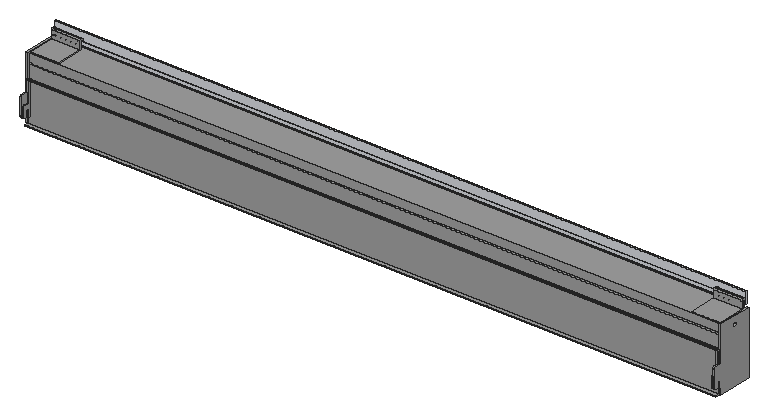
Revit family "Alcon-15233-2-Revit-Family", category Lighting Fixtures, host Ceiling, Revit 2021
Family settings
  Host = Ceiling
  Round Connector Dimension = Use Diameter
  Part Type = Normal
  Always vertical = Yes
  Cut with Voids When Loaded = No
  Light Source = Yes
  Shared = No
  Room Calculation Point = No
Parameters (values of type "15233-2 - 4FT")
  Wattage = 9.2903 W
  built-in parameter 1150110 = 1 (stored number, unit not read)
  built-in parameter 1114217 = 1 (stored number, unit not read)
  built-in parameter 1150109 = 1 (stored number, unit not read)
  built-in parameter 1150134 = 3
  built-in parameter 1150113 = 1 (stored number, unit not read)
  Reflector = Reflector
  Product Identity = "Alcon Lighting 15233-2"
  Manufacturer = "Alcon Light"
  built-in parameter 1150105 = 109.82 (stored number, unit not read)
  Lumens = 1380 lm
  built-in parameter 1150115 = 1 (stored number, unit not read)
  Link To Product Page = "https://www.alconlighting.com/15233-2-perimeter-led-cove-light-fixture.html"
  Light Source Symbol Size = 2' - 0"
  built-in parameter 1150137 = (empty or 0)
  built-in parameter 1150139 = (empty or 0)
  Length = 4' - 0"
  Led Source = Led Source
  built-in parameter 1150112 = 1 (stored number, unit not read)
  built-in parameter 1150114 = 1 (stored number, unit not read)
  built-in parameter 1150132 = (empty or 0)
  built-in parameter 1150102 = (empty or 0)
  built-in parameter 1150107 = 3200 (stored number, unit not read)
  built-in parameter 1150138 = (empty or 0)
  built-in parameter 1150106 = 1.0982 (stored number, unit not read)
  Housing = Default
  Lens = Lens
  Emit from Line Length = 4' - 0"
  built-in parameter 1150104 = 13.8 (stored number, unit not read)
  Dimming Lamp Color Temperature Shift = <None>
  Default Elevation = 0' - 0"
  Color Filter = 16777215
  built-in parameter 1114218 = 1 (stored number, unit not read)
  built-in parameter 1150133 = 10 (stored number, unit not read)
Types (4): name | Length | Emit from Line Length
  15233-2 - 8FT | 8' - 0" | 8' - 0"
  15233-2 - 4FT | 4' - 0" | 4' - 0"
  15233-2 - 3FT | 3' - 0" | 3' - 0"
  15233-2 - 2FT | 2' - 0" | 2' - 0"
Reference planes (in)
  plane 1 "Center (Front/Back)": y = 0
  plane 2: z = 0
  plane 3 "Center (Left/Right)": x = 0
  plane 4 "Ceiling": z = 157.48031
Forms (in)
  Extrusion 1, solid, material "Default" <- "Housing"
    sketch origin (0, 0, 320.42063) x (0, -1, 0) y (0, 0, -1)
      loop
        line (-1.10507, 160.94031) -> (-1.17, 160.94031) -> (-1.17, 160.25987)
        arc (-1.17, 160.25987) -> (-1.1514, 160.22514) -> (-1.17, 160.19041) r 0.04173
        line (-1.17, 160.19041) -> (-1.17, 159.26536)
        arc (-1.17, 159.26536) -> (-1.1514, 159.23063) -> (-1.17, 159.1959) r 0.04173
        line (-1.17, 159.1959) -> (-1.17, 158.63031) -> (1.17, 158.63031) -> (1.17, 159.1959)
        arc (1.17, 159.1959) -> (1.1514, 159.23063) -> (1.17, 159.26536) r 0.04173
        line (1.17, 159.26536) -> (1.17, 160.19041)
        arc (1.17, 160.19041) -> (1.1514, 160.22514) -> (1.17, 160.25987) r 0.04173
        line (1.17, 160.25987) -> (1.17, 160.94031) -> (1.10507, 160.94031) -> (1.10507, 160.59384) -> (0.94451, 160.59384) -> (0.94451, 160.39651) -> (1.01249, 160.39651) -> (1.01249, 160.49344) -> (1.10507, 160.49344) -> (1.10507, 160.30581) -> (0.94451, 160.30581) -> (0.94451, 160.15243) -> (1.10507, 160.15243) -> (1.10507, 159.86853) -> (0.98124, 159.86853) -> (0.98124, 159.95891) -> (0.89763, 159.95891) -> (0.89763, 159.56434) -> (0.97504, 159.56434) -> (0.97504, 159.78837) -> (1.10507, 159.78837) -> (1.10507, 159.35818) -> (0.94451, 159.35818) -> (0.94451, 159.10332) -> (1.10507, 159.10332) -> (1.10507, 158.69406) -> (-1.10507, 158.69406) -> (-1.10507, 159.10332) -> (-0.94451, 159.10332) -> (-0.94451, 159.35818) -> (-1.10507, 159.35818) -> (-1.10507, 159.78837) -> (-0.97504, 159.78837) -> (-0.97504, 159.56434) -> (-0.89763, 159.56434) -> (-0.89763, 159.95891) -> (-0.98124, 159.95891) -> (-0.98124, 159.86853) -> (-1.10507, 159.86853) -> (-1.10507, 160.15243) -> (-0.94451, 160.15243) -> (-0.94451, 160.30581) -> (-1.10507, 160.30581) -> (-1.10507, 160.49344) -> (-1.01249, 160.49344) -> (-1.01249, 160.39651) -> (-0.94451, 160.39651) -> (-0.94451, 160.59384) -> (-1.10507, 160.59384) -> (-1.10507, 160.94031)
      loop
        line (-1.10507, 160.25987) -> (-1.10507, 160.19041) -> (-0.99687, 160.19041) -> (-0.99687, 160.25987) -> (-1.10507, 160.25987)
      loop
        line (-1.10507, 159.26536) -> (-1.10507, 159.1959) -> (-0.99687, 159.1959) -> (-0.99687, 159.26536) -> (-1.10507, 159.26536)
      loop
        line (1.10507, 160.25987) -> (0.99687, 160.25987) -> (0.99687, 160.19041) -> (1.10507, 160.19041) -> (1.10507, 160.25987)
      loop
        line (1.10507, 159.26536) -> (0.99687, 159.26536) -> (0.99687, 159.1959) -> (1.10507, 159.1959) -> (1.10507, 159.26536)
    from 0 to 48
  Extrusion 2, solid, material "Default" <- "Housing"
    sketch origin (0, 0, 320.49875) x (0, -1, 0) y (0, 0, -1)
      loop
        line (0.43275, 159.91309) -> (-0.43275, 159.91309) -> (-0.38581, 159.96003) -> (-0.40888, 160.01719) -> (-0.4398, 160.0047) -> (-0.42292, 159.96289) -> (-0.46437, 159.92144) -> (-0.86552, 160.91526)
        arc (-0.86552, 160.91526) -> (-0.85997, 160.93651) -> (-0.83803, 160.93734) r 0.01841
        line (-0.83803, 160.93734) -> (-0.80943, 160.91772) -> (-0.80943, 160.97547) -> (-0.88982, 160.97547) -> (-0.90716, 161.01844) -> (-1.10507, 161.01844) -> (-1.10507, 160.89872) -> (-0.94451, 160.66941) -> (-0.94451, 160.03704) -> (-0.55369, 160.03704) -> (-0.48631, 159.87012) -> (0.48631, 159.87012) -> (0.55369, 160.03704) -> (0.94451, 160.03704) -> (0.94451, 160.66941) -> (1.10507, 160.89872) -> (1.10507, 161.01844) -> (0.90716, 161.01844) -> (0.88982, 160.97547) -> (0.80943, 160.97547) -> (0.80943, 160.91772) -> (0.83803, 160.93734)
        arc (0.83803, 160.93734) -> (0.85997, 160.93651) -> (0.86552, 160.91526) r 0.01841
        line (0.86552, 160.91526) -> (0.46437, 159.92144) -> (0.42292, 159.96289) -> (0.4398, 160.0047) -> (0.40888, 160.01719) -> (0.38581, 159.96003) -> (0.43275, 159.91309)
      loop
        line (-0.57103, 160.08001) -> (-0.93247, 160.97547) -> (-1.0621, 160.97547) -> (-1.0621, 160.91226) -> (-0.90154, 160.68295) -> (-0.90154, 160.08001) -> (-0.57103, 160.08001)
      loop
        line (0.57103, 160.08001) -> (0.90154, 160.08001) -> (0.90154, 160.68295) -> (1.0621, 160.91226) -> (1.0621, 160.97547) -> (0.93247, 160.97547) -> (0.57103, 160.08001)
    from 0 to 48
  Extrusion 3, solid, material "Lens" <- "Lens"
    sketch origin (0, 0, 319.99875) x (0, -1, 0) y (0, 0, -1)
      loop
        line (0.84771, 160.38421) -> (0.84771, 160.41825) -> (-0.85144, 160.41825) -> (-0.85144, 160.38421) -> (0.84771, 160.38421)
    from 0 to 48
  Extrusion 4, solid, material "Reflector" <- "Reflector"
    sketch origin (0, 0, 320.49875) x (0, -1, 0) y (0, 0, -1)
      loop
        line (-0.47251, 159.9416) -> (-0.42506, 159.96075) -> (-0.79121, 160.8679) -> (-0.83867, 160.84875) -> (-0.47251, 159.9416)
      loop
        line (0.4736, 159.9443) -> (0.83843, 160.84815) -> (0.79853, 160.86425) -> (0.43371, 159.9604) -> (0.4736, 159.9443)
    from 0 to 48
  Extrusion 5, solid, material "Led Source" <- "Led Source"
    sketch origin (0, 0, 320.49875) x (0, -1, 0) y (0, 0, -1)
      loop
        line (0.2188, 159.91309) -> (0.2188, 159.95517) -> (-0.2188, 159.95517) -> (-0.2188, 159.91309) -> (0.2188, 159.91309)
    from 0 to 48
  Extrusion 6, void
    sketch origin (0, 0, 157.48031) x (0, 1, 0) y (-1, 0, 0)
      loop
        line (-1.17, 0) -> (-1.17, -48) -> (1.17, -48) -> (1.17, 0) -> (-1.17, 0)
    from -0.06276 to 5.83016
  Extrusion 7, solid
    sketch origin (0, 0, 2) x (0, 1, 0) y (0, 0, 1)
      loop
        line (1.17, 160.81439) -> (1.1166, 160.81439) -> (1.1166, 160.08507) -> (0.96243, 160.08507) -> (0.96243, 160.33507) -> (0.89545, 160.33507) -> (0.89545, 160.08229)
        arc (0.89545, 160.08229) -> (0.91135, 160.04391) -> (0.94972, 160.02802) r 0.05427
        line (0.94972, 160.02802) -> (1.12549, 160.02802)
        arc (1.12549, 160.02802) -> (1.15696, 160.04106) -> (1.17, 160.07253) r 0.04451
        line (1.17, 160.07253) -> (1.17, 160.81439)
    from 0 to 48
  Extrusion 8, solid, material "Default" <- "Housing"
    sketch origin (0, 0, 2) x (0, 1, 0) y (0, 0, 1)
      loop
        line (1.07327, 160.08507) -> (1.07327, 160.37206)
        arc (1.07327, 160.37206) -> (1.04865, 160.4315) -> (0.9892, 160.45612) r 0.08407
        line (0.9892, 160.45612) -> (0.91692, 160.45612)
        arc (0.91692, 160.45612) -> (0.8507, 160.42869) -> (0.82327, 160.36247) r 0.09365
        line (0.82327, 160.36247) -> (0.82327, 159.84307) -> (-1.07222, 159.84307) -> (-1.07222, 159.79031) -> (0.87747, 159.79031) -> (0.87747, 160.34758)
        arc (0.87747, 160.34758) -> (0.89095, 160.38012) -> (0.92349, 160.3936) r 0.04602
        line (0.92349, 160.3936) -> (0.97147, 160.3936)
        arc (0.97147, 160.3936) -> (1.003, 160.38055) -> (1.01606, 160.34902) r 0.04459
        line (1.01606, 160.34902) -> (1.01606, 160.08507) -> (1.07327, 160.08507)
    from 0 to 2
  Extrusion 9, solid, material "Default" <- "Housing"
    sketch origin (0, 0, 2) x (0, 1, 0) y (0, 0, 1)
      loop
        line (1.07327, 160.08507) -> (1.07327, 160.37206)
        arc (1.07327, 160.37206) -> (1.04865, 160.4315) -> (0.9892, 160.45612) r 0.08407
        line (0.9892, 160.45612) -> (0.91692, 160.45612)
        arc (0.91692, 160.45612) -> (0.8507, 160.42869) -> (0.82327, 160.36247) r 0.09365
        line (0.82327, 160.36247) -> (0.82327, 159.84307) -> (-1.07222, 159.84307) -> (-1.07222, 159.79031) -> (0.87747, 159.79031) -> (0.87747, 160.34758)
        arc (0.87747, 160.34758) -> (0.89095, 160.38012) -> (0.92349, 160.3936) r 0.04602
        line (0.92349, 160.3936) -> (0.97147, 160.3936)
        arc (0.97147, 160.3936) -> (1.003, 160.38055) -> (1.01606, 160.34902) r 0.04459
        line (1.01606, 160.34902) -> (1.01606, 160.08507) -> (1.07327, 160.08507)
    from 46 to 48
  Extrusion 10, solid, material "Default" <- "Housing"
    sketch origin (0, 0, 2) x (0, 1, 0) y (0, 0, 1)
      loop
        line (-1.17, 158.25919) -> (-1.34217, 158.25919) -> (-1.34217, 158.20784) -> (-1.20239, 158.20784) -> (-1.20239, 155.48031) -> (-1.45239, 155.48031) -> (-1.45239, 155.42755) -> (-1.17, 155.42755) -> (-1.17, 158.25919)
    from 0 to 48
  Extrusion 11, solid, material "Default" <- "Housing"
    sketch origin (0, 0, -0.49609) x (0, 1, 0) y (0, 0, 1)
      loop
        line (-1.20239, 157.9764) -> (1.17, 157.9764) -> (1.17, 162.34728) -> (-1.20239, 162.34728) -> (-1.20239, 159.8825) -> (-1.63309, 159.8825)
        arc (-1.63309, 159.8825) -> (-1.69446, 159.85708) -> (-1.71988, 159.79571) r 0.08679
        line (-1.71988, 159.79571) -> (-1.71988, 158.58599)
        arc (-1.71988, 158.58599) -> (-1.6973, 158.53147) -> (-1.64279, 158.50889) r 0.0771
        line (-1.64279, 158.50889) -> (-1.5854, 158.50889)
        arc (-1.5854, 158.50889) -> (-1.53557, 158.52953) -> (-1.51493, 158.57935) r 0.07046
        line (-1.51493, 158.57935) -> (-1.51493, 158.89687) -> (-1.28446, 158.89687) -> (-1.28446, 158.47577)
        arc (-1.28446, 158.47577) -> (-1.27244, 158.44674) -> (-1.24341, 158.43472) r 0.04105
        line (-1.24341, 158.43472) -> (-1.20239, 158.43472) -> (-1.20239, 157.9764)
      loop
        circle (-1.51997, 159.57418) r 0.05557
      loop
        circle (0, 161.80592) r 0.16861
    from -0.125 to 0
  Extrusion 12, solid, material "Default" <- "Housing"
    sketch origin (0, 0, -0.49609) x (0, 1, 0) y (0, 0, 1)
      loop
        line (-1.20239, 157.9764) -> (1.17, 157.9764) -> (1.17, 162.34728) -> (-1.20239, 162.34728) -> (-1.20239, 159.8825) -> (-1.63309, 159.8825)
        arc (-1.63309, 159.8825) -> (-1.69446, 159.85708) -> (-1.71988, 159.79571) r 0.08679
        line (-1.71988, 159.79571) -> (-1.71988, 158.58599)
        arc (-1.71988, 158.58599) -> (-1.6973, 158.53147) -> (-1.64279, 158.50889) r 0.0771
        line (-1.64279, 158.50889) -> (-1.5854, 158.50889)
        arc (-1.5854, 158.50889) -> (-1.53557, 158.52953) -> (-1.51493, 158.57935) r 0.07046
        line (-1.51493, 158.57935) -> (-1.51493, 158.89687) -> (-1.28446, 158.89687) -> (-1.28446, 158.47577)
        arc (-1.28446, 158.47577) -> (-1.27244, 158.44674) -> (-1.24341, 158.43472) r 0.04105
        line (-1.24341, 158.43472) -> (-1.20239, 158.43472) -> (-1.20239, 157.9764)
      loop
        circle (0, 161.80592) r 0.16861
      loop
        circle (-1.51997, 159.57418) r 0.05557
    from 48 to 48.125
  Extrusion 13, solid, material "Default" <- "Housing"
    sketch origin (0, 0, -0.49609) x (0, 1, 0) y (0, 0, 1)
      loop
        line (-1.20239, 158.43472) -> (-1.20239, 160.70393) -> (-1.33203, 160.70393) -> (-1.33203, 159.2761) -> (-1.63672, 159.2761)
        arc (-1.63672, 159.2761) -> (-1.69552, 159.25175) -> (-1.71988, 159.19294) r 0.08317
        line (-1.71988, 159.19294) -> (-1.71988, 158.58599)
        arc (-1.71988, 158.58599) -> (-1.6973, 158.53147) -> (-1.64279, 158.50889) r 0.0771
        line (-1.64279, 158.50889) -> (-1.5854, 158.50889)
        arc (-1.5854, 158.50889) -> (-1.53557, 158.52953) -> (-1.51493, 158.57935) r 0.07046
        line (-1.51493, 158.57935) -> (-1.51493, 158.89687) -> (-1.28446, 158.89687) -> (-1.28446, 158.47577)
        arc (-1.28446, 158.47577) -> (-1.27244, 158.44674) -> (-1.24341, 158.43472) r 0.04105
        line (-1.24341, 158.43472) -> (-1.20239, 158.43472)
      loop
        circle (-1.52283, 159.15054) r 0.04501
    from 0 to 0.125
  Extrusion 14, solid, material "Default" <- "Housing"
    sketch origin (0, 0, -0.49609) x (0, 1, 0) y (0, 0, 1)
      loop
        line (-1.20239, 158.43472) -> (-1.20239, 160.70393) -> (-1.33203, 160.70393) -> (-1.33203, 159.2761) -> (-1.63672, 159.2761)
        arc (-1.63672, 159.2761) -> (-1.69552, 159.25175) -> (-1.71988, 159.19294) r 0.08317
        line (-1.71988, 159.19294) -> (-1.71988, 158.58599)
        arc (-1.71988, 158.58599) -> (-1.6973, 158.53147) -> (-1.64279, 158.50889) r 0.0771
        line (-1.64279, 158.50889) -> (-1.5854, 158.50889)
        arc (-1.5854, 158.50889) -> (-1.53557, 158.52953) -> (-1.51493, 158.57935) r 0.07046
        line (-1.51493, 158.57935) -> (-1.51493, 158.89687) -> (-1.28446, 158.89687) -> (-1.28446, 158.47577)
        arc (-1.28446, 158.47577) -> (-1.27244, 158.44674) -> (-1.24341, 158.43472) r 0.04105
        line (-1.24341, 158.43472) -> (-1.20239, 158.43472)
      loop
        circle (-1.52283, 159.15054) r 0.04501
    from 47.875 to 48
Dimensions and locks (in)
  equal spacing: host sketch curve, plane 3 "Center (Left/Right)", host sketch curve
  equal spacing: host sketch curve, plane 1 "Center (Front/Back)", host sketch curve
  host sketch curve to host sketch curve = 13' - 1.48031"  (x2)
  plane 4 "Ceiling" to host ceiling = 0' - 0"
  "Length": plane 3 "Center (Left/Right)" to Extrusion 5
  "Length": plane 3 "Center (Left/Right)" to Extrusion 6
  "Length": plane 3 "Center (Left/Right)" to Extrusion 3
  "Length": plane 3 "Center (Left/Right)" to Extrusion 2
  "Length": plane 3 "Center (Left/Right)" to Extrusion 1
  "Length": plane 3 "Center (Left/Right)" to Extrusion 4
  locked: Extrusion 9 to Extrusion 6 at 2
  locked: Extrusion 14 to Extrusion 12 at 0.125
  locked: Extrusion 6 to Extrusion 12 at 0.125
  aligned and locked: Extrusion 6 to Extrusion 7
  aligned and locked: Extrusion 1 to Extrusion 9
  aligned and locked: Extrusion 10 to Extrusion 1
  aligned and locked: Extrusion 12 to Extrusion 1
  aligned and locked: Extrusion 1 to Extrusion 14
Automatic sketch dimensions
  Extrusion 1 sketch curve to plane 4 "Ceiling" = 0' - 2"  (x2)
  Extrusion 1 sketch curve to plane 1 "Center (Front/Back)" = 0' - 1.19313"
  Extrusion 1 sketch curve to Extrusion 1 sketch curve = 0' - 0"  (x13)
  Extrusion 1 sketch curve to Extrusion 1 sketch curve = 0' - 0.02313"  (x5)
  Extrusion 1 sketch curve to Extrusion 1 sketch curve = 0' - 0.06493"  (x8)
  Extrusion 1 sketch curve to Extrusion 1 sketch curve = 0' - 0.09258"  (x3)
  Extrusion 1 sketch curve to Extrusion 1 sketch curve = 0' - 0.10821"  (x5)
  Extrusion 1 sketch curve to Extrusion 1 sketch curve = 0' - 0.12383"
  Extrusion 1 sketch curve to Extrusion 1 sketch curve = 0' - 0.13003"
  Extrusion 1 sketch curve to Extrusion 1 sketch curve = 0' - 0.06799"  (x2)
  Extrusion 1 sketch curve to Extrusion 1 sketch curve = 0' - 0.05236"  (x4)
  Extrusion 1 sketch curve to Extrusion 1 sketch curve = 0' - 0.08361"
  plane 1 "Center (Front/Back)" to Extrusion 1 sketch curve = 0' - 0.89763"
  Extrusion 1 sketch curve to Extrusion 1 sketch curve = 0' - 0 3/64"  (x2)
  Extrusion 1 sketch curve to Extrusion 1 sketch curve = 0' - 0.07741"
  Extrusion 1 sketch curve to Extrusion 1 sketch curve = 0' - 0.0062"
  Extrusion 1 sketch curve to Extrusion 1 sketch curve = 0' - 0.16057"
  Extrusion 1 sketch curve to plane 4 "Ceiling" = 0' - 2.34648"  (x2)
  Extrusion 1 sketch curve to Extrusion 1 sketch curve = 0' - 0.1004"  (x2)
  Extrusion 1 sketch curve to Extrusion 1 sketch curve = 0' - 0.09693"  (x2)
  Extrusion 1 sketch curve to Extrusion 1 sketch curve = 0' - 0.0907"  (x2)
  Extrusion 1 sketch curve to Extrusion 1 sketch curve = 0' - 0.04594"  (x2)
  Extrusion 1 sketch curve to Extrusion 1 sketch curve = 0' - 0.03473"  (x4)
  Extrusion 1 sketch curve to Extrusion 1 sketch curve = 0' - 0.06946"  (x2)
  Extrusion 1 sketch curve to Extrusion 1 sketch curve = 0' - 0.03798"  (x2)
  Extrusion 1 sketch curve to Extrusion 1 sketch curve = 0' - 0.19351"  (x2)
  Extrusion 1 sketch curve to Extrusion 1 sketch curve = 0' - 0.09038"  (x2)
  Extrusion 1 sketch curve to Extrusion 1 sketch curve = 0' - 0.08016"  (x2)
  Extrusion 1 sketch curve to Extrusion 1 sketch curve = 0' - 0.22403"  (x2)
  Extrusion 1 sketch curve to Extrusion 1 sketch curve = 0' - 0.20617"  (x2)
  Extrusion 1 sketch curve to Extrusion 1 sketch curve = 0' - 0.09282"  (x2)
  Extrusion 1 sketch curve to Extrusion 1 sketch curve = 0' - 0.40926"
  Extrusion 1 sketch curve to Extrusion 1 sketch curve = 0' - 0.06375"
  Extrusion 3 sketch curve to plane 1 "Center (Front/Back)" = 0' - 0.85144"
  plane 1 "Center (Front/Back)" to Extrusion 3 sketch curve = 0' - 0.84771"
  Extrusion 3 sketch curve to plane 4 "Ceiling" = 0' - 2.13423"
  Extrusion 3 sketch curve to Extrusion 3 sketch curve = 0' - 0.03404"
  Extrusion 5 sketch curve to plane 1 "Center (Front/Back)" = 0' - 0.2188"
  Extrusion 5 sketch curve to Extrusion 5 sketch curve = 0' - 0.4376"
  Extrusion 5 sketch curve to plane 4 "Ceiling" = 0' - 3.10535"
  Extrusion 5 sketch curve to Extrusion 5 sketch curve = 0' - 0.04208"
  Extrusion 6 sketch curve to plane 3 "Center (Left/Right)" = 0' - 0"
  plane 1 "Center (Front/Back)" to Extrusion 6 sketch curve = 0' - 1.17"
  Extrusion 6 sketch curve to plane 1 "Center (Front/Back)" = 0' - 1.17"
  plane 3 "Center (Left/Right)" to Extrusion 6 sketch curve = 4' - 0"
  plane 1 "Center (Front/Back)" to Extrusion 7 sketch curve = 0' - 0.89545"
  Extrusion 7 sketch curve to Extrusion 7 sketch curve = 0' - 0.05427"
  Extrusion 7 sketch curve to Extrusion 7 sketch curve = 0' - 0.06698"
  Extrusion 7 sketch curve to Extrusion 7 sketch curve = 0' - 0.15417"
  Extrusion 7 sketch curve to Extrusion 7 sketch curve = 0' - 0.00889"
  Extrusion 7 sketch curve to Extrusion 7 sketch curve = 0' - 0.0534"
  Extrusion 7 sketch curve to plane 4 "Ceiling" = 0' - 4.5477"
  Extrusion 7 sketch curve to Extrusion 7 sketch curve = 0' - 0.01254"
  Extrusion 7 sketch curve to Extrusion 7 sketch curve = 0' - 0 1/4"
  Extrusion 7 sketch curve to Extrusion 7 sketch curve = 0' - 0.47931"
  Extrusion 8 sketch curve to plane 1 "Center (Front/Back)" = 0' - 1.07222"
  Extrusion 8 sketch curve to Extrusion 8 sketch curve = 0' - 1.89549"
  Extrusion 8 sketch curve to Extrusion 8 sketch curve = 0' - 0.0542"
  Extrusion 8 sketch curve to Extrusion 8 sketch curve = 0' - 0.03945"
  Extrusion 8 sketch curve to Extrusion 8 sketch curve = 0' - 0.00657"
  Extrusion 8 sketch curve to Extrusion 8 sketch curve = 0' - 0.04798"
  Extrusion 8 sketch curve to Extrusion 8 sketch curve = 0' - 0.01773"
  Extrusion 8 sketch curve to Extrusion 8 sketch curve = 0' - 0.04459"
  Extrusion 8 sketch curve to Extrusion 8 sketch curve = 0' - 0.05721"
  Extrusion 8 sketch curve to plane 4 "Ceiling" = 0' - 4.31"
  Extrusion 8 sketch curve to Extrusion 8 sketch curve = 0' - 0.05275"
  Extrusion 8 sketch curve to Extrusion 8 sketch curve = 0' - 0.24201"
  Extrusion 8 sketch curve to Extrusion 8 sketch curve = 0' - 0.26251"
  Extrusion 8 sketch curve to Extrusion 8 sketch curve = 0' - 0.01489"
  Extrusion 9 sketch curve to plane 1 "Center (Front/Back)" = 0' - 1.07222"
  Extrusion 9 sketch curve to Extrusion 9 sketch curve = 0' - 1.89549"
  Extrusion 9 sketch curve to Extrusion 9 sketch curve = 0' - 0.0542"
  Extrusion 9 sketch curve to Extrusion 9 sketch curve = 0' - 0.03945"
  Extrusion 9 sketch curve to Extrusion 9 sketch curve = 0' - 0.00657"
  Extrusion 9 sketch curve to Extrusion 9 sketch curve = 0' - 0.04798"
  Extrusion 9 sketch curve to Extrusion 9 sketch curve = 0' - 0.01773"
  Extrusion 9 sketch curve to Extrusion 9 sketch curve = 0' - 0.04459"
  Extrusion 9 sketch curve to Extrusion 9 sketch curve = 0' - 0.05721"
  Extrusion 9 sketch curve to plane 4 "Ceiling" = 0' - 4.31"
  Extrusion 9 sketch curve to Extrusion 9 sketch curve = 0' - 0.05275"
  Extrusion 9 sketch curve to Extrusion 9 sketch curve = 0' - 0.24201"
  Extrusion 9 sketch curve to Extrusion 9 sketch curve = 0' - 0.26251"
  Extrusion 9 sketch curve to Extrusion 9 sketch curve = 0' - 0.01489"
  Extrusion 2 sketch curve to plane 1 "Center (Front/Back)" = 0' - 1.10507"
  Extrusion 2 sketch curve to Extrusion 2 sketch curve = 0' - 0 11/256"  (x9)
  Extrusion 2 sketch curve to Extrusion 2 sketch curve = 0' - 0.1176"
  Extrusion 2 sketch curve to Extrusion 2 sketch curve = 0' - 0.12963"  (x2)
  Extrusion 2 sketch curve to Extrusion 2 sketch curve = 0' - 0.02531"
  Extrusion 2 sketch curve to Extrusion 2 sketch curve = 0' - 0.04265"  (x2)
  Extrusion 2 sketch curve to Extrusion 2 sketch curve = 0' - 0.0243"
  Extrusion 2 sketch curve to Extrusion 2 sketch curve = 0' - 0.01707"  (x2)
  Extrusion 2 sketch curve to Extrusion 2 sketch curve = 0' - 0.01041"  (x2)
  Extrusion 2 sketch curve to Extrusion 2 sketch curve = 0' - 0.0286"  (x2)
  Extrusion 2 sketch curve to Extrusion 2 sketch curve = 0' - 0.33051"  (x2)
  Extrusion 2 sketch curve to Extrusion 2 sketch curve = 0' - 0.01734"  (x3)
  Extrusion 2 sketch curve to Extrusion 2 sketch curve = 0' - 0.06737"
  Extrusion 2 sketch curve to Extrusion 2 sketch curve = 0' - 0.02194"  (x2)
  Extrusion 2 sketch curve to Extrusion 2 sketch curve = 0' - 0.02457"
  Extrusion 2 sketch curve to Extrusion 2 sketch curve = 0' - 0.03162"  (x2)
  Extrusion 2 sketch curve to Extrusion 2 sketch curve = 0' - 0.01688"
  Extrusion 2 sketch curve to Extrusion 2 sketch curve = 0' - 0.03092"  (x2)
  Extrusion 2 sketch curve to Extrusion 2 sketch curve = 0' - 0.03711"  (x2)
  Extrusion 2 sketch curve to Extrusion 2 sketch curve = 0' - 0.77162"
  Extrusion 2 sketch curve to Extrusion 2 sketch curve = 0' - 0.02307"
  Extrusion 2 sketch curve to Extrusion 2 sketch curve = 0' - 0.04145"
  Extrusion 2 sketch curve to Extrusion 2 sketch curve = 0' - 0.11389"
  Extrusion 2 sketch curve to Extrusion 2 sketch curve = 0' - 0.2384"
  Extrusion 2 sketch curve to Extrusion 2 sketch curve = 0' - 0.05179"
  Extrusion 2 sketch curve to plane 4 "Ceiling" = 0' - 3.14832"
  Extrusion 2 sketch curve to Extrusion 2 sketch curve = 0' - 0.00835"  (x2)
  Extrusion 2 sketch curve to Extrusion 2 sketch curve = 0' - 0.04694"
  Extrusion 2 sketch curve to Extrusion 2 sketch curve = 0' - 0.0386"
  Extrusion 2 sketch curve to Extrusion 2 sketch curve = 0' - 0.00285"  (x2)
  Extrusion 2 sketch curve to Extrusion 2 sketch curve = 0' - 0.16692"
  Extrusion 2 sketch curve to Extrusion 2 sketch curve = 0' - 0.03233"
  Extrusion 2 sketch curve to Extrusion 2 sketch curve = 0' - 0.5894"  (x2)
  Extrusion 2 sketch curve to Extrusion 2 sketch curve = 0' - 0.01355"  (x4)
  Extrusion 2 sketch curve to Extrusion 2 sketch curve = 0' - 0.22931"  (x2)
  Extrusion 2 sketch curve to Extrusion 2 sketch curve = 0' - 0.003"  (x2)
  Extrusion 2 sketch curve to Extrusion 2 sketch curve = 0' - 0.00246"  (x2)
  Extrusion 2 sketch curve to Extrusion 2 sketch curve = 0' - 0.00689"  (x2)
  Extrusion 2 sketch curve to Extrusion 2 sketch curve = 0' - 0.06021"
  Extrusion 2 sketch curve to Extrusion 2 sketch curve = 0' - 0.03814"
  Extrusion 2 sketch curve to Extrusion 2 sketch curve = 0' - 0.06321"
  Extrusion 2 sketch curve to Extrusion 2 sketch curve = 0' - 0"
  Extrusion 4 sketch curve to plane 1 "Center (Front/Back)" = 0' - 0.83867"
  Extrusion 4 sketch curve to Extrusion 4 sketch curve = 0' - 0.04745"
  Extrusion 4 sketch curve to Extrusion 4 sketch curve = 0' - 0.36616"
  Extrusion 4 sketch curve to Extrusion 4 sketch curve = 0' - 1.22359"
  Extrusion 4 sketch curve to Extrusion 4 sketch curve = 0' - 0.03989"
  Extrusion 4 sketch curve to Extrusion 4 sketch curve = 0' - 0.01915"
  Extrusion 4 sketch curve to Extrusion 4 sketch curve = 0' - 0.8874"
  Extrusion 4 sketch curve to Extrusion 4 sketch curve = 0' - 0.0161"
  Extrusion 4 sketch curve to Extrusion 4 sketch curve = 0' - 0.85876"
  Extrusion 4 sketch curve to plane 4 "Ceiling" = 0' - 3.05804"
  Extrusion 13 sketch curve to plane 1 "Center (Front/Back)" = 0' - 1.71988"
  Extrusion 13 sketch curve to Extrusion 13 sketch curve = 0' - 0.0771"
  Extrusion 13 sketch curve to Extrusion 13 sketch curve = 0' - 0.08317"
  Extrusion 13 sketch curve to Extrusion 13 sketch curve = 0' - 0.05739"
  Extrusion 13 sketch curve to Extrusion 13 sketch curve = 0' - 0.11389"
  Extrusion 13 sketch curve to Extrusion 13 sketch curve = 0' - 0.00789"
  Extrusion 13 sketch curve to Extrusion 13 sketch curve = 0' - 0 39/128"
  Extrusion 13 sketch curve to Extrusion 13 sketch curve = 0' - 0 59/256"
  Extrusion 13 sketch curve to Extrusion 13 sketch curve = 0' - 0.04105"
  Extrusion 13 sketch curve to Extrusion 13 sketch curve = 0' - 0.12965"
  Extrusion 13 sketch curve to plane 4 "Ceiling" = 0' - 0.45832"
  Extrusion 13 sketch curve to Extrusion 13 sketch curve = 0' - 0.03312"
  Extrusion 13 sketch curve to Extrusion 13 sketch curve = 0' - 0.31751"
  Extrusion 13 sketch curve to Extrusion 13 sketch curve = 0' - 0.25367"
  Extrusion 13 sketch curve to Extrusion 13 sketch curve = 0' - 0.0424"
  Extrusion 13 sketch curve to Extrusion 13 sketch curve = 0' - 1.42783"
  Extrusion 14 sketch curve to plane 1 "Center (Front/Back)" = 0' - 1.71988"
  Extrusion 14 sketch curve to Extrusion 14 sketch curve = 0' - 0.0771"
  Extrusion 14 sketch curve to Extrusion 14 sketch curve = 0' - 0.08317"
  Extrusion 14 sketch curve to Extrusion 14 sketch curve = 0' - 0.05739"
  Extrusion 14 sketch curve to Extrusion 14 sketch curve = 0' - 0.11389"
  Extrusion 14 sketch curve to Extrusion 14 sketch curve = 0' - 0.00789"
  Extrusion 14 sketch curve to Extrusion 14 sketch curve = 0' - 0 39/128"
  Extrusion 14 sketch curve to Extrusion 14 sketch curve = 0' - 0 59/256"
  Extrusion 14 sketch curve to Extrusion 14 sketch curve = 0' - 0.04105"
  Extrusion 14 sketch curve to Extrusion 14 sketch curve = 0' - 0.12965"
  Extrusion 14 sketch curve to plane 4 "Ceiling" = 0' - 0.45832"
  Extrusion 14 sketch curve to Extrusion 14 sketch curve = 0' - 0.03312"
  Extrusion 14 sketch curve to Extrusion 14 sketch curve = 0' - 0.31751"
  Extrusion 14 sketch curve to Extrusion 14 sketch curve = 0' - 0.25367"
  Extrusion 14 sketch curve to Extrusion 14 sketch curve = 0' - 0.0424"
  Extrusion 14 sketch curve to Extrusion 14 sketch curve = 0' - 1.42783"
  plane 4 "Ceiling" to Extrusion 10 sketch curve = 0' - 0.05276"
  Extrusion 10 sketch curve to plane 1 "Center (Front/Back)" = 0' - 1.45239"
  Extrusion 10 sketch curve to Extrusion 10 sketch curve = 0' - 0.11021"
  Extrusion 10 sketch curve to Extrusion 10 sketch curve = 0' - 0 1/4"
  Extrusion 10 sketch curve to Extrusion 10 sketch curve = 0' - 0.03239"
  Extrusion 10 sketch curve to Extrusion 10 sketch curve = 0' - 0.05276"
  Extrusion 10 sketch curve to Extrusion 10 sketch curve = 0' - 2.72753"
  Extrusion 10 sketch curve to Extrusion 10 sketch curve = 0' - 0.05135"
  Extrusion 11 sketch curve to plane 4 "Ceiling" = 0' - 0.60959"
  Extrusion 11 sketch curve to plane 1 "Center (Front/Back)" = 0' - 1.71988"
  Extrusion 11 sketch curve to Extrusion 11 sketch curve = 0' - 0.0771"
  Extrusion 11 sketch curve to Extrusion 11 sketch curve = 0' - 0.08679"
  Extrusion 11 sketch curve to Extrusion 11 sketch curve = 0' - 0.05739"
  Extrusion 11 sketch curve to Extrusion 11 sketch curve = 0' - 0.11312"
  Extrusion 11 sketch curve to Extrusion 11 sketch curve = 0' - 0.07046"
  Extrusion 11 sketch curve to Extrusion 11 sketch curve = 0' - 0 59/256"
  Extrusion 11 sketch curve to Extrusion 11 sketch curve = 0' - 0.04105"
  Extrusion 11 sketch curve to Extrusion 11 sketch curve = 0' - 0.04102"
  Extrusion 11 sketch curve to Extrusion 11 sketch curve = 0' - 0.43071"
  Extrusion 11 sketch curve to Extrusion 11 sketch curve = 0' - 1.20239"
  Extrusion 11 sketch curve to Extrusion 11 sketch curve = 0' - 1.17"
  Extrusion 11 sketch curve to Extrusion 11 sketch curve = 0' - 0.10358"
  Extrusion 11 sketch curve to plane 4 "Ceiling" = 0' - 0"
  Extrusion 11 sketch curve to Extrusion 11 sketch curve = 0' - 0.31751"
  Extrusion 11 sketch curve to Extrusion 11 sketch curve = 0' - 0.67731"
  Extrusion 11 sketch curve to Extrusion 11 sketch curve = 0' - 0.22153"
  Extrusion 11 sketch curve to Extrusion 11 sketch curve = 0' - 1.92341"
  Extrusion 11 sketch curve to Extrusion 11 sketch curve = 0' - 0.54137"
  Extrusion 12 sketch curve to Extrusion 12 sketch curve = 0' - 0"  (x4)
  Extrusion 12 sketch curve to plane 1 "Center (Front/Back)" = 0' - 1.71988"
  Extrusion 12 sketch curve to Extrusion 12 sketch curve = 0' - 0.0771"
  Extrusion 12 sketch curve to Extrusion 12 sketch curve = 0' - 0.08679"
  Extrusion 12 sketch curve to Extrusion 12 sketch curve = 0' - 0.05739"
  Extrusion 12 sketch curve to Extrusion 12 sketch curve = 0' - 0.11312"
  Extrusion 12 sketch curve to Extrusion 12 sketch curve = 0' - 0.07046"
  Extrusion 12 sketch curve to Extrusion 12 sketch curve = 0' - 0 59/256"
  Extrusion 12 sketch curve to Extrusion 12 sketch curve = 0' - 0.04105"
  Extrusion 12 sketch curve to Extrusion 12 sketch curve = 0' - 0.04102"
  Extrusion 12 sketch curve to Extrusion 12 sketch curve = 0' - 0.43071"
  Extrusion 12 sketch curve to Extrusion 12 sketch curve = 0' - 1.20239"
  Extrusion 12 sketch curve to plane 4 "Ceiling" = 0' - 0"
  plane 1 "Center (Front/Back)" to Extrusion 12 sketch curve = 0' - 1.17"
  Extrusion 12 sketch curve to Extrusion 12 sketch curve = 0' - 0.45832"
  Extrusion 12 sketch curve to Extrusion 12 sketch curve = 0' - 0.03312"
  Extrusion 12 sketch curve to Extrusion 12 sketch curve = 0' - 0.31751"
  Extrusion 12 sketch curve to Extrusion 12 sketch curve = 0' - 0.67731"
  Extrusion 12 sketch curve to Extrusion 12 sketch curve = 0' - 0.22153"
  Extrusion 12 sketch curve to Extrusion 12 sketch curve = 0' - 1.92341"
  Extrusion 12 sketch curve to Extrusion 12 sketch curve = 0' - 0.54137"
  Extrusion 12 sketch curve to Extrusion 12 sketch curve = 0' - 0.05557"
  Extrusion 12 sketch curve to Extrusion 12 sketch curve = 0' - 0.16861"
  radius of Extrusion 13 sketch curve = 0' - 0.04501"
  radius of Extrusion 14 sketch curve = 0' - 0.04501"
  radius of Extrusion 11 sketch curve = 0' - 0.05557"
  radius of Extrusion 11 sketch curve = 0' - 0.16861"
